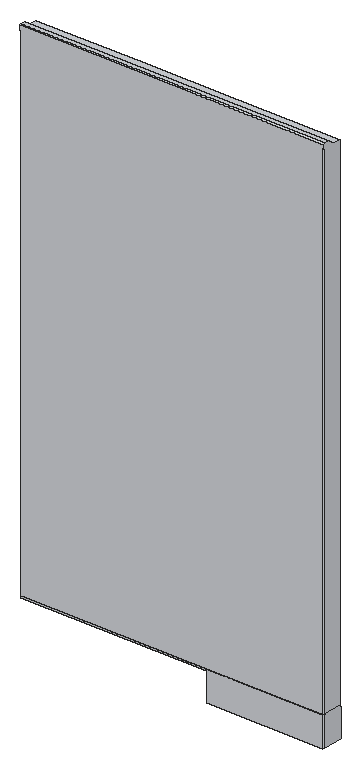
Revit family "GEN_A3-External-Facade-Bottom-Panel-G10", category Curtain Panels, Revit 2016
Family settings
  OmniClass Number = 23.25.20.14.11.11.17
  OmniClass Title = Infill Panels
  Always vertical = Yes
  Cut with Voids When Loaded = No
  Shared = No
Parameters (values of type "External Facade")
  Type Comments = ""
  Top Off Set [instance] = 5020 mm
  RH Off Set [instance] = 1162 mm
  Panel Thickness = 200 mm
  Panel 1 [instance] = Panel 1
  LH Off Set [instance] = 0 mm
  Fill [instance] = Flex
  Cill [instance] = 0 mm
  Assembly Code = ""
Reference planes
  plane 1 "Center (Front/Back)": y = 0
  plane 2: z = 0
  plane 3 "Center (Left/Right)": x = 0
  plane 4 "Left": x = -1500
  plane 5 "Right": x = 1500
  plane 6 "Top": z = 5300
  plane 7 "face": y = 100
  plane 8: y = -100
  plane 9: z = 300
  plane 10: x = 500
  plane 11: x = -500
  plane 12: x = 492.5
  plane 13: x = 507.5
  plane 14: x = -492.5
  plane 15: x = -507.5
  plane 16: z = 292.5
  plane 17: z = 307.5
  plane 18 "1": y = 100
  plane 19 "2": y = 50
  plane 20 "3": y = 100
  plane 21 "6": y = 100
  plane 22 "4": y = 100
  plane 23 "5": y = 100
  plane 24: x = 338
  plane 25: x = -1500
  plane 26: z = 280
  plane 27: z = 0
Forms (mm)
  Extrusion 1, void
    sketch origin (0, 0, 0) x (1, 0, 0) y (0, 1, 0)
      loop
        line (-1490, -100) -> (-1500, -90) -> (-1500, -100) -> (-1490, -100)
    from 0 to 5300
  Extrusion 2, void
    sketch origin (0, 0, 0) x (1, 0, 0) y (0, 1, 0)
      loop
        line (1490, -100) -> (1500, -100) -> (1500, -90) -> (1490, -100)
    from 0 to 5300
  Extrusion 3, solid
    sketch origin (0, 0, 0) x (0, 1, 0) y (0, 0, 1)
      loop
        line (100, 0) -> (100, 292.5) -> (85, 297.5) -> (85, 300) -> (-100, 300) -> (-100, 0) -> (100, 0)
    from -1500 to 1500
  Extrusion 4, solid
    sketch origin (0, 0, 0) x (0, 1, 0) y (0, 0, 1)
      loop
        line (-100, 300) -> (100, 300) -> (100, 5300) -> (15, 5300) -> (-45, 5350) -> (-90, 5350) -> (-100, 5340) -> (-100, 300)
    from -1500 to 1500
  Sweep 5, void
    path origin (0, 100, 0) x (-1, 0, 0) y (0, 0, 1)
      loop
        line (-500, 5300) -> (-500, 300)
    profile "Resess Profile : Resess Profile" origin (500, 100, 2800) x (-1, 0, 0) y (0, 1, 0)
      loop
        line (0, -10) -> (10, 0) -> (-10, 0) -> (0, -10)
  Sweep 6, void
    path origin (0, 100, 0) x (-1, 0, 0) y (0, 0, 1)
      loop
        line (500, 5300) -> (500, 292.5)
    profile "Resess Profile : Resess Profile" origin (-500, 100, 2796.25) x (-1, 0, 0) y (0, 1, 0)
      loop
        line (0, -10) -> (10, 0) -> (-10, 0) -> (0, -10)
  Sweep 7, void
    path origin (-1002.5, 100, 0) x (-1, 0, 0) y (0, 0, 1)
      loop
        line (500, 3770) -> (500, 2035)
    profile "Resess Profile : Resess Profile" origin (-1502.5, 100, 2902.5) x (-1, 0, 0) y (0, 1, 0)
      loop
        line (0, -10) -> (10, 0) -> (-10, 0) -> (0, -10)
  Sweep 8, void
    path origin (-1002.5, 100, 0) x (-1, 0, 0) y (0, 0, 1)
      loop
        line (500, 2035) -> (500, 300)
    profile "Resess Profile : Resess Profile" origin (-1502.5, 100, 1167.5) x (-1, 0, 0) y (0, 1, 0)
      loop
        line (0, -10) -> (10, 0) -> (-10, 0) -> (0, -10)
  Sweep 9, void
    path origin (1002.5, 100, 0) x (-1, 0, 0) y (0, 0, 1)
      loop
        line (-500, 5300) -> (-500, 292.5) -> (2502.5, 292.5) -> (2502.5, 5300) -> (-500, 5300)
    profile "Resess Profile : Resess Profile" origin (1502.5, 100, 2796.25) x (-1, 0, 0) y (0, 1, 0)
      loop
        line (0, -10) -> (10, 0) -> (-10, 0) -> (0, -10)
  Extrusion 10, void
    sketch origin (0, 0, 0) x (1, 0, 0) y (0, 0, 1)
      loop
        line (338, 280) -> (-1500, 280) -> (-1500, 0) -> (338, 0) -> (338, 280)
    from -100 to 100
Cuts and joins
  Extrusion 1, Extrusion 2, Sweep 5, Sweep 6, Sweep 7, Sweep 8, Sweep 9, Extrusion 10 cuts Extrusion 4
  Extrusion 1, Extrusion 2, Sweep 8, Sweep 9, Extrusion 10 cuts Extrusion 3
Text (mm)
  text "Exterior" at (-2351.972, 1416.179, 0), in view "Ref. Level"
  text "Exterior" at (0, 2290.741, 4406.713), in view "Left"
  text "Exterior" at (0, 1328.187, 4120.349), in view "Right"
Dimensions and locks
  equal spacing: plane 4 "Left", plane 3 "Center (Left/Right)", plane 5 "Right"
  plane 7 "face" to plane 1 "Center (Front/Back)" to plane 8 = 100 mm, 100 mm locked
  plane 7 "face" to plane 8 = 200 mm
  plane 4 "Left" to plane 5 "Right" = 3000 mm
  equal spacing: plane 4 "Left", plane 11, plane 10, plane 5 "Right"
  plane 16 to plane 9 to plane 17 = 7.5 mm locked, 7.5 mm locked
  locked: plane 2 to plane 9 at 300
  plane 12 to plane 10 to plane 13 = 7.5 mm locked, 7.5 mm locked
  plane 15 to plane 11 to plane 14 = 7.5 mm locked, 7.5 mm locked
  plane 18 "1" to plane 8 = 200 mm
  plane 19 "2" to plane 8 = 150 mm
  plane 20 "3" to plane 8 = 200 mm
  plane 22 "4" to plane 8 = 200 mm
  plane 21 "6" to plane 8 = 200 mm
  plane 23 "5" to plane 8 = 200 mm
  plane 2 to plane 6 "Top" = 5300 mm
  "RH Off Set": plane 24 to plane 5 "Right"
  "LH Off Set": plane 4 "Left" to plane 25
  "Top Off Set": plane 26 to plane 6 "Top"
  "Cill": plane 2 to plane 27
  locked: plane 6 "Top" to Extrusion 4 sketch curve at 50
  aligned and locked: level to plane 2
  aligned and locked: Extrusion 2 to plane 6 "Top"
  aligned and locked: Extrusion 1 to plane 6 "Top"
  aligned and locked: level to Extrusion 3 sketch curve
  aligned and locked: Extrusion 3 sketch curve to plane 21 "6"
  aligned and locked: Extrusion 3 sketch curve to plane 9
  aligned and locked: plane 8 to Extrusion 3 sketch curve
  aligned and locked: Extrusion 4 sketch curve to Extrusion 3  (x2)
  aligned and locked: plane 23 "5" to Extrusion 4
  aligned and locked: Extrusion 4 to plane 5 "Right"
  aligned and locked: Extrusion 3 to plane 5 "Right"
  aligned and locked: plane 4 "Left" to Extrusion 4
  aligned and locked: plane 4 "Left" to Extrusion 3
  aligned and locked: plane 26 to Extrusion 10 sketch curve
  aligned and locked: Extrusion 10 sketch curve to plane 24
  aligned and locked: Extrusion 10 sketch curve to plane 27
  aligned and locked: plane 25 to Extrusion 10 sketch curve
  aligned and locked: Extrusion 4 sketch curve to plane 6 "Top"
  aligned and locked: Sweep 9 sketch curve to plane 6 "Top"
  aligned and locked: Sweep 9 sketch curve to plane 25
  aligned and locked: plane 6 "Top" to Sweep 5 sketch curve
  aligned and locked: plane 6 "Top" to Sweep 6 sketch curve
  aligned and locked: plane 16 to Sweep 6 sketch curve
Automatic sketch dimensions
  Extrusion 1 sketch curve to plane 4 "Left" = 0 mm
  Extrusion 1 sketch curve to plane 8 = 0 mm
  Extrusion 1 sketch curve to Extrusion 1 sketch curve = 10 mm
  plane 8 to Extrusion 1 sketch curve = 10 mm
  Extrusion 2 sketch curve to plane 8 = 0 mm
  Extrusion 2 sketch curve to plane 5 "Right" = 0 mm
  plane 5 "Right" to Extrusion 2 sketch curve = 10 mm
  plane 8 to Extrusion 2 sketch curve = 10 mm
  Extrusion 3 sketch curve to plane 16 = 0 mm
  Extrusion 3 sketch curve to plane 7 "face" = 15 mm
  Extrusion 3 sketch curve to plane 9 = 2.5 mm
  plane 4 "Left" to Sweep 7 sketch curve = 2.5 mm
  Extrusion 4 sketch curve to Extrusion 4 sketch curve = 10 mm
  plane 8 to Extrusion 4 sketch curve = 55 mm
  Extrusion 4 sketch curve to plane 1 "Center (Front/Back)" = 15 mm
  Extrusion 4 sketch curve to plane 7 "face" = 0 mm
  Extrusion 4 sketch curve to plane 6 "Top" = 40 mm
  Sweep 5 sketch curve to plane 9 = 0 mm
  plane 10 to Sweep 5 sketch curve = 0 mm
  plane 11 to Sweep 6 sketch curve = 0 mm
  Sweep 8 sketch curve to plane 9 = 0 mm
  plane 4 "Left" to Sweep 8 sketch curve = 2.5 mm
  Sweep 9 sketch curve to plane 5 "Right" = 2.5 mm
  Sweep 9 sketch curve to plane 16 = 0 mm
  plane 17 to Sweep 7 sketch curve = 1727.5 mm
  plane 6 "Top" to Sweep 7 sketch curve = 1530 mm
  plane 17 to Sweep 8 sketch curve = 1727.5 mm
